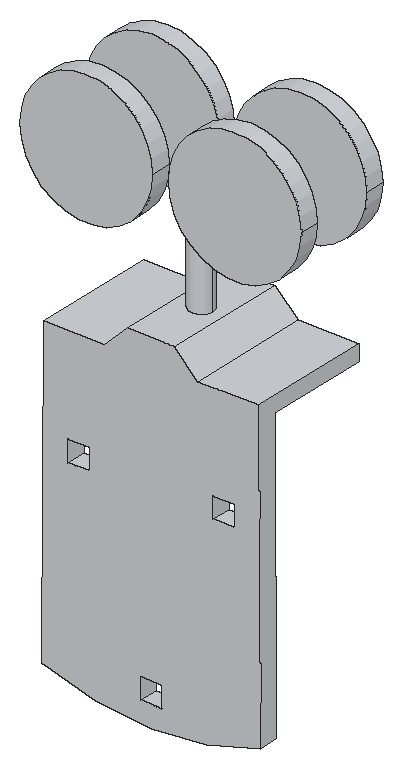
Revit family "087100_14 - Sliding and Folding Door Hardware - 5040 Box Rail Hangers", category Generic Models, Revit 2017
Family settings
  Can host rebar = No
  Round Connector Dimension = Use Diameter
  Part Type = Normal
  Work Plane-Based = Yes
  Always vertical = No
  Cut with Voids When Loaded = No
  Shared = No
  Room Calculation Point = No
Parameters
  Default Elevation = 4' - 0"
Reference planes (in)
  plane 1 "Center (Front/Back)": y = 0
  plane 2: z = 0
  plane 3 "Center (Left/Right)": x = 0
  plane 4: z = -1.47582
  plane 5: z = -4.47724
Forms (in)
  Extrusion 1, solid
    sketch origin (-100.50115, -0.5, -100.45825) x (1, 0, 0) y (0, 0, 1)
      loop
        circle (99.31421, 103.28601) r 1.06629
      loop
        circle (101.69034, 103.28601) r 1.06629
    from 0 to 0.3125
  Extrusion 2, solid
    sketch origin (-36.89445, -10.9108, -85.29582) x (1, 0, 0) y (0, 1, 0)
      loop
        circle (36.89186, 10.9108) r 0.1875
    from 85.29582 to 88.19162
  Extrusion 3, solid
    sketch origin (-101.82907, 1, -101.78618) x (1, 0, 0) y (0, 0, 1)
      loop
        line (100.10661, 101.78618) -> (101.18227, 101.78618) -> (101.55244, 102.15635) -> (102.10569, 102.15635) -> (102.47587, 101.78618) -> (103.55153, 101.78618) -> (103.55001, 102.03618) -> (102.57943, 102.03618) -> (102.20924, 102.40635) -> (101.44889, 102.40635) -> (101.07872, 102.03618) -> (100.10813, 102.03618) -> (100.10661, 101.78618)
    from 0 to 2
  Extrusion 4, solid
    sketch origin (-102.58341, -0.6875, -102.68516) x (1, 0, 0) y (0, 0, 1)
      loop
        arc (100.83259, 98.01695) -> (102.58341, 97.68268) -> (104.33422, 98.01695) r 4.75226
        line (104.33422, 98.01695) -> (104.30435, 102.93516) -> (103.33376, 102.93516) -> (102.96358, 103.30533) -> (102.20322, 103.30533) -> (101.83305, 102.93516) -> (100.86246, 102.93516) -> (100.83259, 98.01695)
      loop
        line (101.25128, 101.38093) -> (101.25128, 101.03776) -> (101.59444, 101.03776) -> (101.59444, 101.38093) -> (101.25128, 101.38093)
      loop
        line (103.57238, 101.38093) -> (103.57238, 101.03776) -> (103.91554, 101.03776) -> (103.91554, 101.38093) -> (103.57238, 101.38093)
      loop
        line (102.41183, 98.37951) -> (102.41183, 98.03634) -> (102.75499, 98.03634) -> (102.75499, 98.37951) -> (102.41183, 98.37951)
    from 0 to 0.3125
  Extrusion 5, solid
    sketch origin (-100.50115, 0.5, -100.45825) x (1, 0, 0) y (0, 0, -1)
      loop
        circle (99.31421, -103.28601) r 1.06629
      loop
        circle (101.69034, -103.28601) r 1.06629
    from 0 to 0.3125
Cuts and joins
  joined: Extrusion 3, Extrusion 4
Dimensions and locks (in)
  aligned and locked: plane 2 to level
